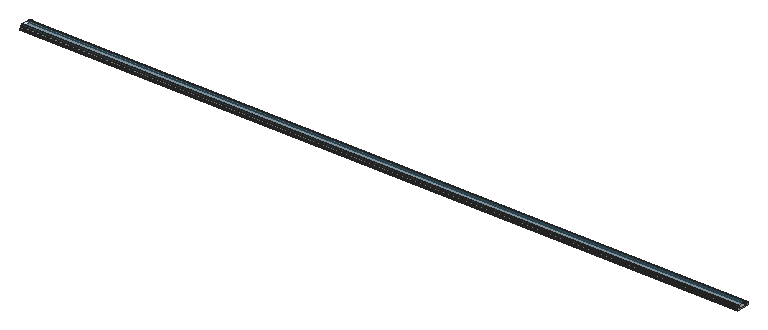
Revit family "PO1806", category Luminarias, Revit 2019
Family settings
  Cota de conector redondo = Diámetro de uso
  Tipo de pieza = Normal
  Se basa en plano de trabajo = Sí
  Siempre vertical = No
  Corte con vacíos al cargar = No
  Origen de luz = No
  Compartido = Sí
  Punto de cálculo de habitación = No
Parameters (values of type "PERFIL_PO1806")
  Tapa Final 1806.1 = 1
  Keynote = ""
  Modelo = "PO1806"
  Lamp = ""
  Longitud = 1000 mm
  Fabricante = "BRILLANT"
  Default Elevation = 1219.2 mm
  Descripción = "PERFIL DE ALUMINIO CON DIFUSOR LECHOSO, PARA ALOJAR TIRA LUMINOSA O TABLETA, PERFIL DE COLOCACION DE 13.5MM DE ANCHO. INSTALACION EMPOTRABLE PUEDE SER DOBLADO Y REALIZAR FORMAS, PERFIL DE CLIP MONTADO. IDEAL PARA ATENUAR EL BRILLO E INCORPORAR LA LUZ AL AMBIENTE.PRESENTACION DESDE 0.5 - 3 METROS, REQUEIRE ACCESORIOS COMO TAPA FINAL (CONSIDERAR 1 PAR DE PZAS POR SEGMENTO DE PERFIL), CLIPS DE SUJECION (CONSIDERAR 4PZAS POR SEGMENTO DE PERFIL) Y CONECTOR (CONSIDERAR UNA PIEZA POR SEGMENTO DE PERFIL)."
  Costo USD_PO1806 [instance] = (Longitud / 1000 mm) * (7.5)  # 7.5
  Conector 1806.3 [instance] = 0
  Wattage Comments = ""
  Clip de Sujecion 1806.2 = (Longitud / 1000 mm) * (4)  # 4
Reference planes
  plane 1 "Centro (Frontal/Posterior)": y = 0
  plane 2: z = 0
  plane 3 "Centro (Izquierda/Derecha)": x = 0
  plane 4: x = -1000
Forms (mm)
  Extrusion 1, solid, material "Aluminio"
    sketch origin (37.527, 0, 32.853) x (0, 0, 1) y (0, -1, 0)
      loop
        line (-32.853, -9) -> (-32.053, -9) -> (-32.053, -8.2)
        arc (-32.053, -8.2) -> (-31.402, -8.493) -> (-30.752, -8.2) r 0.869
        line (-30.752, -8.2) -> (-28.987, -8.2)
        arc (-28.987, -8.2) -> (-28.587, -7.8) -> (-28.987, -7.4) r 0.4
        line (-28.987, -7.4) -> (-31.303, -7.4)
        arc (-31.303, -7.4) -> (-31.759, -7.169) -> (-32.053, -6.75) r 1.056
        line (-32.053, -6.75) -> (-32.053, 6.75)
        arc (-32.053, 6.75) -> (-31.759, 7.169) -> (-31.303, 7.4) r 1.056
        line (-31.303, 7.4) -> (-28.987, 7.4)
        arc (-28.987, 7.4) -> (-28.587, 7.8) -> (-28.987, 8.2) r 0.4
        line (-28.987, 8.2) -> (-30.752, 8.2)
        arc (-30.752, 8.2) -> (-31.402, 8.493) -> (-32.053, 8.2) r 0.869
        line (-32.053, 8.2) -> (-32.053, 9) -> (-32.853, 9) -> (-32.853, -9)
    from -1037.527 to -37.527
  Extrusion 2, solid, material "Difusor Lechoso"
    sketch origin (22.394, 0, 30.619) x (0, 0, 1) y (0, -1, 0)
      loop
        arc (-26.754, -7.4) -> (-26.226, -6.607) -> (-25.433, -6.079) r 2.416
        arc (-25.433, -6.079) -> (-24.919, 0) -> (-25.433, 6.079) r 36.252
        arc (-25.433, 6.079) -> (-26.226, 6.607) -> (-26.754, 7.4) r 2.416
        line (-26.754, 7.4) -> (-29.069, 7.4)
        arc (-29.069, 7.4) -> (-29.617, 7.162) -> (-29.818, 6.6) r 0.75
        line (-29.818, 6.6) -> (-27.238, 6.6)
        arc (-27.238, 6.6) -> (-26.76, 6.009) -> (-26.156, 5.548) r 3.216
        arc (-26.156, 5.548) -> (-25.719, 0) -> (-26.156, -5.548) r 35.452
        arc (-26.156, -5.548) -> (-26.76, -6.009) -> (-27.238, -6.6) r 3.216
        line (-27.238, -6.6) -> (-29.818, -6.6)
        arc (-29.818, -6.6) -> (-29.617, -7.162) -> (-29.069, -7.4) r 0.75
        line (-29.069, -7.4) -> (-26.754, -7.4)
    from -1022.394 to -22.394
Dimensions and locks
  "Longitud": plane 3 "Centro (Izquierda/Derecha)" to plane 4
  "Longitud": plane 4 to plane 3 "Centro (Izquierda/Derecha)"
  Extrusion 2 to Extrusion 2 = 14.8 mm
  Extrusion 1 to Extrusion 1 = 18 mm
  aligned and locked: level to plane 2
  aligned and locked: plane 4 to Extrusion 1
  aligned and locked: plane 3 "Centro (Izquierda/Derecha)" to Extrusion 1
  aligned and locked: plane 4 to Extrusion 2
  aligned and locked: plane 3 "Centro (Izquierda/Derecha)" to Extrusion 2
Automatic sketch dimensions
  Extrusion 1 sketch curve to level = 0 mm
  level to Extrusion 1 sketch curve = 0.8 mm  (x3)
  Extrusion 1 sketch curve to Extrusion 1 sketch curve = 0.651 mm  (x3)
  Extrusion 1 sketch curve to Extrusion 1 sketch curve = 0.1 mm  (x2)
  Extrusion 1 sketch curve to Extrusion 1 sketch curve = 0.985 mm  (x2)
  Extrusion 1 sketch curve to Extrusion 1 sketch curve = 1.764 mm  (x2)
  Extrusion 1 sketch curve to plane 1 "Centro (Frontal/Posterior)" = 6.371 mm
  Extrusion 1 sketch curve to Extrusion 1 sketch curve = 0.379 mm  (x2)
  Extrusion 1 sketch curve to Extrusion 1 sketch curve = 0.223 mm  (x2)
  Extrusion 1 sketch curve to Extrusion 1 sketch curve = 0.4 mm  (x2)
  Extrusion 1 sketch curve to Extrusion 1 sketch curve = 0.8 mm  (x2)
  plane 1 "Centro (Frontal/Posterior)" to Extrusion 1 sketch curve = 6.371 mm
  Extrusion 1 sketch curve to Extrusion 1 sketch curve = 0.65 mm
  Extrusion 2 sketch curve to Extrusion 2 sketch curve = 0 mm  (x7)
  Extrusion 2 sketch curve to plane 1 "Centro (Frontal/Posterior)" = 0 mm
  level to Extrusion 2 sketch curve = 0.802 mm  (x2)
  Extrusion 2 sketch curve to Extrusion 2 sketch curve = 0.749 mm  (x2)
  Extrusion 2 sketch curve to Extrusion 2 sketch curve = 1.831 mm  (x2)
  Extrusion 2 sketch curve to Extrusion 2 sketch curve = 0.485 mm  (x2)
  Extrusion 2 sketch curve to plane 1 "Centro (Frontal/Posterior)" = 6.6 mm
  Extrusion 2 sketch curve to Extrusion 2 sketch curve = 0.05 mm  (x2)
  Extrusion 2 sketch curve to Extrusion 2 sketch curve = 0.915 mm  (x2)
  Extrusion 2 sketch curve to Extrusion 2 sketch curve = 1.082 mm  (x2)
  Extrusion 2 sketch curve to Extrusion 2 sketch curve = 0.723 mm  (x2)
  Extrusion 2 sketch curve to Extrusion 2 sketch curve = 0.531 mm
  Extrusion 2 sketch curve to level = 30.552 mm
